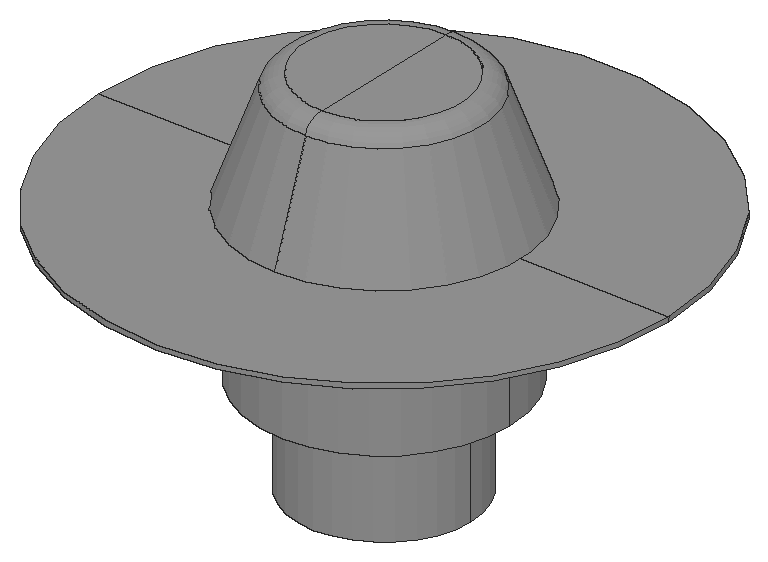
Revit family "HL_Dachablauf_HL62F-B-221103", category Instalační zařizovací předměty, Revit 2021
Family settings
  Kóta kulaté spojky = Použít průměr
  Typ dílu = Normální
  Číslo OmniClass = 23.70.50.21.24.14
  Nadpis OmniClass = Deck Waste Water Drains
  Založené na pracovní rovině = Ne
  Vždy vertikální = Ano
  Ořezat dutým tvarem při načtení = Ne
  Sdílené = Ne
  Bod výpočtu místnosti = Ano
Parameters (values of type "HL_Dachablauf_HL62F_1")
  Výchozí výška = 0 mm
  Výrobce = "HL Hutterer & Lechner GmbH"  # constant formula
  VOLUMENSTROM [instance] = 0.0 L/s
  URL = "http://www.hutterer-lechner.com/de/products/catalog/roof-drains/HL62F/1.aspx"
  RECHTSAUSKUNFT = "Urheberrechte (©), Designrechte und alle anderen Rechte am geistigen Eigentum, sind ausschließlich Eigentum der Firma HL Hutterer&Lechner GmbH. Änderungen sind nicht gestattet. Die Familien (Teile) sind mit Wasserzeichen geschützt."
  MATERIAL = "PP"
  LEISTUNG = "7,85 l/s"
  GEWICHT = "0,68 [kg]"
  EAN = "9003076031726"
  DURCHMESSER = 110 mm
  DIMENSION = "DN110"
  Abdeckung Material [instance] = none
  Přípoj ventilace = no
  Přípoj odpadních dílů = yes
  Přípoj HW = no
  Přípoj CW = no
  Popis = "Dachabläufe"
  Model = "HL62F_1"
  Assembly Code = " "
  Komentáře k typům = "HL62F/1 Dachablauf DN110 senkrecht mit PP_Kragen,"
  Keynote = "HL62F_1"
  Einbauhöhe [instance] = 0 mm
  G [instance] = 180.00°  # constant formula
  D [instance] = if(DURCHMESSER = 75 mm, 116.6 mm, if(DURCHMESSER = 125 mm, 67 mm, 60 mm)) + Einbauhöhe  # 60 mm
  C [instance] = if(Einbauhöhe - 68 mm < 0 mm, 0 mm, Einbauhöhe - 68 mm)  # 0 mm
  B [instance] = 100 mm  # constant formula
  A [instance] = if(B - 100 mm > 15 mm, B - 100 mm, 15 mm)  # 15 mm
Types (4, lengths in mm): name | URL | LEISTUNG | GEWICHT | EAN | DURCHMESSER | DIMENSION | Model | Komentáře k typům | Keynote | D
  (no name) | "http://www.hutterer-lechner.com/de/products/catalog/roof-drains/HL62F/7.aspx" | "7,4 l/s" | "1,32 [kg]" | "9003076031740" | 75 | "DN75" | "HL62F_7" | "HL62F/7 Dachablauf DN75 senkrecht mit PP_Kragen," | "HL62F_7" | 116.6
  HL_Dachablauf_HL62F_1 | "http://www.hutterer-lechner.com/de/products/catalog/roof-drains/HL62F/1.aspx" | "7,85 l/s" | "0,68 [kg]" | "9003076031726" | 110 | "DN110" | "HL62F_1" | "HL62F/1 Dachablauf DN110 senkrecht mit PP_Kragen," | "HL62F_1" | 60
  HL_Dachablauf_HL62F_2 | "http://www.hutterer-lechner.com/de/products/catalog/roof-drains/HL62F/2.aspx" | "10,75 l/s" | "1,86 [kg]" | "9003076031764" | 125 | "DN125" | "HL62F_2" | "HL62F/2 Dachablauf DN125 senkrecht mit PP_Kragen," | "HL62F_2" | 67
  HL_Dachablauf_HL62F_7 | "http://www.hutterer-lechner.com/de/products/catalog/roof-drains/HL62F/7.aspx" | "7,4 l/s" | "1,32 [kg]" | "9003076031740" | 75 | "DN75" | "HL62F_7" | "HL62F/7 Dachablauf DN75 senkrecht mit PP_Kragen," | "HL62F_7" | 116.6
Reference planes
  plane 1 "Center (Front/Back)": y = 0
  plane 2: z = 0
  plane 3 "Center (Left/Right)": x = 0
  plane 4: z = -100
  plane 5: z = 0
Lines and regions (mm)
  model lines, style "InvisibleLines"
    curve 1: line (0, 0, 0) -> (0, 0, 20)
  model lines, style "PlumbingFixtures", detail levels coarse+medium
    curve 2: line (0, 0, -100) -> (0, 0, -85)
    curve 3: line (0, 0, -85) -> (-85, 0, 0)
    curve 4: line (0, 0, -85) -> (85, 0, 0)
    curve 6: line (0, 0, -100) -> (0, 0, -160)
  reference lines, not visible
    curve 5: line (0, 0, -100) -> (0, 0, -160)
  symbolic lines, style "PlumbingFixtures", detail levels coarse+medium
    curve 7: line (-75, 75, 0) -> (75, 75, 0)
    curve 8: line (-75, -75, 0) -> (-75, 75, 0)
    curve 9: line (75, -75, 0) -> (-75, -75, 0)
    curve 10: line (75, 75, 0) -> (75, -75, 0)
    curve 11: line (-75, 75, 0) -> (-145.711, 145.711, 0)
    curve 12: line (75, 75, 0) -> (145.711, 145.711, 0)
    curve 13: line (-75, -75, 0) -> (-145.711, -145.711, 0)
    curve 14: line (75, -75, 0) -> (145.711, -145.711, 0)
  symbolic lines, style "PlumbingFixtures", not visible, detail levels coarse+medium
    curve 15: line (-75, 75, 0) -> (75, 75, 0)
    curve 16: line (-75, -75, 0) -> (-75, 75, 0)
    curve 17: line (75, -75, 0) -> (-75, -75, 0)
    curve 18: line (75, 75, 0) -> (75, -75, 0)
    curve 19: line (-75, 75, 0) -> (-145.711, 145.711, 0)
    curve 20: line (75, 75, 0) -> (145.711, 145.711, 0)
    curve 21: line (-75, -75, 0) -> (-145.711, -145.711, 0)
    curve 22: line (75, -75, 0) -> (145.711, -145.711, 0)
Text (mm)
  text "FLOOR" at (-162.344, 0, -10.979), in view "Drain Construction View"
Dimensions and locks
  "B": plane 2 to plane 4
  "Einbauhöhe": plane 2 to plane 5
  "A": curve 4 to plane 4
  "D": curve 5 to curve 5
  "D": curve 6 to curve 6
  locked: curve 4 to plane 3 "Center (Left/Right)" (angle 45.00°)
  locked: plane 3 "Center (Left/Right)" to curve 3 (angle 45.00°)
  "G": angle curve 5 to plane 3 "Center (Left/Right)"
  aligned and locked: level to plane 2
  aligned and locked: plane 2 to curve 4
  aligned and locked: plane 2 to curve 3
  aligned and locked: plane 4 to curve 5
  aligned and locked: plane 3 "Center (Left/Right)" to curve 5
  aligned and locked: plane 4 to curve 2
  aligned and locked: curve 6 to plane 3 "Center (Left/Right)"
  aligned and locked: curve 6 to plane 4
  aligned and locked: nested 1 to plane 5
  aligned and locked: plane 3 "Center (Left/Right)" to nested 1
  aligned and locked: plane 2 to nested 2
  aligned and locked: plane 3 "Center (Left/Right)" to nested 2
Automatic sketch dimensions
  curve 2 to plane 3 "Center (Left/Right)" = 0 mm
  curve 1 to plane 3 "Center (Left/Right)" = 0 mm
  curve 1 to level = 0 mm
  level to curve 1 = 20 mm
Nested families
  nested 1: "HL_Dachablaufkörper_HL62F" at (0, 0, 0), DURCHMESSER <- "DURCHMESSER", type "HL_Dachablaufkörper_HL62F"
    with L 63 mm, DURCHMESSER 110 mm
  nested 2: "HL_Zubehör_HL062.1E" at (0, 0, 0), type "HL_Zubehör_HL062.1E"
Connectors
  piping at (0, 0, -160), diameter 110, driven by "VOLUMENSTROM", driven by "DURCHMESSER"
    settings: on curve 5, index 1, connector inside diameter 609.6 mm, connector length 0 mm, flow factor 0, pipe flow 0.0 L/s, pressure drop 0.0 Pa, fitting loss kfactor 0, connector angle 0.00°, fixture units 0, engagement length 0 mm, angle of deflection 0.00°, flow configuration 1, flow direction 2, fitting loss method 0, system type 16, joint type 0, gender type 0, connector reference index -1, connector utility 0, adjustable connector yes, is connector primary yes, connector description ""
Definition of nested family "HL_Dachablaufkörper_HL62F"
  Parameters (values of type "HL_Dachablaufkörper_HL62F")
    Default Elevation = 0 mm
    Manufacturer = ""
    URL = ""
    Description = ""
    Model = ""
    L [instance] = if(DURCHMESSER = 75 mm, 119.5 mm, if(DURCHMESSER = 110 mm, 63 mm, if(DURCHMESSER = 125 mm, 70 mm, 0 mm)))  # 63 mm
    Type Comments = ""
    DURCHMESSER [instance] = 110 mm
    Cost = 0
  Reference planes
    plane 1 "Střed (vpředu/vzadu)": y = 0
    plane 2: z = 0
    plane 3 "Střed (vlevo/vpravo)": x = 0
    plane 4: z = -97
  Forms (mm)
    Revolve 1, solid, detail levels fine
      sketch origin (0, 0, 0) x (1, 0, 0) y (0, 0, 1)
        loop
          line (-180, -3) -> (-81.687, -3) -> (-81.687, -17.808) -> (-79.882, -20.934) -> (-79.882, -97) -> (0, -97) -> (0, -37.3) -> (-64.783, -37.3) -> (-65.765, -29.3) -> (-74.763, -29.3) -> (-74.763, -23.875) -> (-78.907, -16.698) -> (-78.907, 0) -> (-180, 0) -> (-180, -3)
        axis (0, 0) -> (0, -97)
      angle from 0 to 360
    Extrusion 2, solid, detail levels fine
      sketch origin (-79.882, -1524, -97) x (-1, 0, 0) y (0, -1, 0)
        loop
          circle (-79.882, -1524) r 55
      from 0 to -63
  Cuts and joins
    joined: Revolve 1, Extrusion 2
  Dimensions and locks
    "L": plane 4 to cut or joined group of Revolve 1, Extrusion 2
    "DURCHMESSER": diameter of Extrusion 2 sketch curve
    aligned and locked: level to plane 2
  Automatic sketch dimensions
    Revolve 1 sketch curve to level = 0 mm
    Revolve 1 sketch curve to plane 3 "Střed (vlevo/vpravo)" = 0 mm  (x2)
    Revolve 1 sketch curve to plane 3 "Střed (vlevo/vpravo)" = 64.783 mm
    Revolve 1 sketch curve to level = 29.3 mm
    Revolve 1 sketch curve to Revolve 1 sketch curve = 0.982 mm
    Revolve 1 sketch curve to Revolve 1 sketch curve = 8.998 mm
    Revolve 1 sketch curve to level = 16.698 mm
    Revolve 1 sketch curve to Revolve 1 sketch curve = 4.143 mm
    Revolve 1 sketch curve to Revolve 1 sketch curve = 15.099 mm
    Revolve 1 sketch curve to Revolve 1 sketch curve = 2.78 mm
    Revolve 1 sketch curve to level = 3 mm
    Revolve 1 sketch curve to Revolve 1 sketch curve = 98.313 mm
    Revolve 1 sketch curve to Revolve 1 sketch curve = 8 mm
    Revolve 1 sketch curve to Revolve 1 sketch curve = 59.7 mm
    Revolve 1 sketch curve to Revolve 1 sketch curve = 5.425 mm
    Revolve 1 sketch curve to Revolve 1 sketch curve = 4.236 mm
    Revolve 1 sketch curve to Revolve 1 sketch curve = 1.11 mm
    Revolve 1 sketch curve to Revolve 1 sketch curve = 203 mm
    level to Revolve 1 sketch curve = 295.621 mm
    plane 1 "Střed (vpředu/vzadu)" to Extrusion 2 sketch curve = 0 mm
    Extrusion 2 sketch curve to plane 3 "Střed (vlevo/vpravo)" = 0 mm
Definition of nested family "HL_Zubehör_HL062.1E"
  Parameters (values of type "HL_Zubehör_HL062.1E")
    Default Elevation = 0 mm
    Manufacturer = "HL Hutterer & Lechner GmbH"
    URL = "http://www.hutterer-lechner.com/de/products/catalog/roof-drains/HL062.1E.aspx"
    Abdeckung Material = none
    RECHTSAUSKUNFT = "Urheberrechte (©), Designrechte und alle anderen Rechte am geistigen Eigentum, sind ausschließlich Eigentum der Firma HL Hutterer&Lechner GmbH. Änderungen sind nicht gestattet. Die Familien (Teile) sind mit Wasserzeichen geschützt."
    Description = "Dachabläufe"
    Model = "HL062.1E"
    Type Comments = "HL062.1E, Laubfangkorb"
    Keynote = "HL062.1E"
    GEWICHT = "0,097 [kg]"
    Volumenstrom [instance] = 0.0 L/s
    EAN = "9003076006212"
    Cost = 0
  Values of the unnamed type that differ from the named types
    Manufacturer = ""
    URL = ""
    RECHTSAUSKUNFT = ""
    Description = ""
    Model = ""
    Type Comments = "HL062.1E, domed plastic grate"
    Keynote = ""
  Reference planes
    plane 1 "Střed (vpředu/vzadu)": y = 0
    plane 2: z = 0
    plane 3 "Střed (vlevo/vpravo)": x = 0
  Forms (mm)
    Revolve 1, solid, detail levels fine
      sketch origin (0, 0, 0) x (0, 1, 0) y (0, 0, 1)
        loop
          line (0, 75) -> (0, 60.2) -> (47.074, 60.2) -> (68.985, 0) -> (86.249, 0) -> (61.992, 66.646)
          arc (61.992, 66.646) -> (56.733, 72.731) -> (49.016, 75) r 14.255
          line (49.016, 75) -> (0, 75)
        axis (0, 75) -> (0, 0)
      angle from 0 to 360
    Extrusion 2, solid, detail levels fine
      sketch origin (0, 0, 0) x (0, 1, 0) y (1, 0, 0)
        loop
          circle (0, 0) r 78.587
        loop
          circle (0, 0) r 70.981
      from 0 to 16.7
    Extrusion 3, solid, detail levels fine
      sketch origin (0, 0, -16.7) x (-1, 0, 0) y (0, 1, 0)
        loop
          circle (0, 0) r 70
        loop
          circle (0, 0) r 74.546
      from 0 to 12.3
  Dimensions and locks
    aligned and locked: level to plane 2
